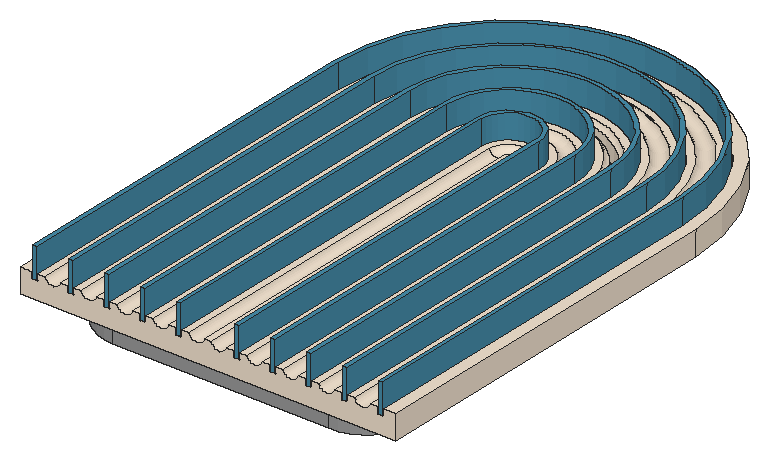
Revit family "EC-SC-ARC 2", category Lighting Fixtures, host Face, Revit 2020
Family settings
  Host = Face
  Round Connector Dimension = Use Diameter
  Part Type = Normal
  Cut with Voids When Loaded = No
  Light Source = No
  Shared = No
  Room Calculation Point = No
Parameters (values of type "WOOD - White Ash")
  wood = _aaline__WOOD_White Ash
  Small - SIZE [instance] = no
  S_4000K [instance] = and([Small - SIZE], [4000K - COLOUR TEMP])  # no
  S_3500K [instance] = and([Small - SIZE], [3500K - COLOUR TEMP])  # no
  S_3000K [instance] = and([Small - SIZE], [3000K - COLOUR TEMP])  # no
  S_2700K [instance] = and([Small - SIZE], [2700K - COLOUR TEMP])  # no
  Medium - SIZE [instance] = yes
  M_4000K [instance] = and([Medium - SIZE], [4000K - COLOUR TEMP])  # no
  M_3500K [instance] = and([Medium - SIZE], [3500K - COLOUR TEMP])  # no
  M_3000K [instance] = and([Medium - SIZE], [3000K - COLOUR TEMP])  # no
  M_2700K [instance] = and([Medium - SIZE], [2700K - COLOUR TEMP])  # yes
  Large - SIZE [instance] = no
  L_4000K [instance] = and([Large - SIZE], [4000K - COLOUR TEMP])  # no
  L_3500K [instance] = and([Large - SIZE], [3500K - COLOUR TEMP])  # no
  L_3000K [instance] = and([Large - SIZE], [3000K - COLOUR TEMP])  # no
  L_2700K [instance] = and([Large - SIZE], [2700K - COLOUR TEMP])  # no
  Default Elevation = 4' - 0"
  LIGHTING ACOUSTIC FELT [instance] = _aaline_felt_Blue_F162
  4000K - COLOUR TEMP [instance] = no
  3500K - COLOUR TEMP [instance] = no
  3000K - COLOUR TEMP [instance] = no
  2700K - COLOUR TEMP [instance] = yes
Reference planes (in)
  plane 1 "Center (Front/Back)": y = 0
  plane 2: z = 0
  plane 3 "Center (Left/Right)": x = 0
  plane 4: z = 0.75
  plane 5 "Top": z = 1.5
Forms (in)
  Extrusion 1, solid, material "_aaline__WOOD_White Ash" <- "wood", visible <- "Medium - SIZE"
    sketch origin (0, 0, 0) x (1, 0, 0) y (0, 1, 0)
      loop
        line (-5.875, -8.8125) -> (5.875, -8.8125) -> (5.875, 2.9375)
        arc (5.875, 2.9375) -> (0, 8.8125) -> (-5.875, 2.9375) r 5.875
        line (-5.875, 2.9375) -> (-5.875, -8.8125)
    from 0.75 to 1.5
  Sweep 2, void
    path in 3D
      loop
        line (5.875, -8.8125, 1.5) -> (5.875, 2.9375, 1.5)
        arc (5.875, 2.9375, 1.5) -> (0, 8.8125, 1.5) -> (-5.875, 2.9375, 1.5) r 5.875
        line (-5.875, 2.9375, 1.5) -> (-5.875, -8.8125, 1.5)
    profile origin (-5.875, -2.9375, 1.5) x (1, 0, 0) y (0, 0, 1)
      loop
        line (0.375, 0) -> (0.375, -0.1875) -> (0.5625, -0.1875) -> (0.5625, 0) -> (0.375, 0)
      loop
        arc (0.78125, 0) -> (1.03125, -0.18761) -> (1.28125, 0) r 0.26037
        line (1.28125, 0) -> (0.78125, 0)
      loop
        line (1.6875, 0) -> (1.5, 0) -> (1.5, -0.1875) -> (1.6875, -0.1875) -> (1.6875, 0)
      loop
        line (2.8125, 0) -> (2.625, 0) -> (2.625, -0.1875) -> (2.8125, -0.1875) -> (2.8125, 0)
      loop
        line (2.40625, 0) -> (1.90625, 0)
        arc (1.90625, 0) -> (2.15625, -0.18761) -> (2.40625, 0) r 0.26037
      loop
        line (5.0625, 0) -> (4.875, 0) -> (4.875, -0.1875) -> (5.0625, -0.1875) -> (5.0625, 0)
      loop
        line (4.65625, 0) -> (4.15625, 0)
        arc (4.15625, 0) -> (4.40625, -0.18761) -> (4.65625, 0) r 0.26037
      loop
        line (3.75, 0) -> (3.75, -0.1875) -> (3.9375, -0.1875) -> (3.9375, 0) -> (3.75, 0)
      loop
        arc (3.03125, 0) -> (3.28125, -0.18761) -> (3.53125, 0) r 0.26037
        line (3.53125, 0) -> (3.03125, 0)
      loop
        arc (5.28125, 0) -> (5.53125, -0.18761) -> (5.78125, 0) r 0.26037
        line (5.78125, 0) -> (5.28125, 0)
  Sweep 3, solid, material "_aaline_felt_Blue_F162" <- "LIGHTING ACOUSTIC FELT", visible <- "Medium - SIZE"
    path in 3D
      loop
        line (5.875, -8.8125, 1.5) -> (5.875, 2.9375, 1.5)
        arc (5.875, 2.9375, 1.5) -> (0, 8.8125, 1.5) -> (-5.875, 2.9375, 1.5) r 5.875
        line (-5.875, 2.9375, 1.5) -> (-5.875, -8.8125, 1.5)
    profile origin (-5.875, -2.9375, 1.5) x (1, 0, 0) y (0, 0, 1)
      loop
        line (0.53125, -0.1875) -> (0.53125, 0.75) -> (0.40625, 0.75) -> (0.40625, -0.1875) -> (0.53125, -0.1875)
      loop
        line (1.65625, -0.1875) -> (1.65625, 0.75) -> (1.53125, 0.75) -> (1.53125, -0.1875) -> (1.65625, -0.1875)
      loop
        line (3.78125, -0.1875) -> (3.90625, -0.1875) -> (3.90625, 0.75) -> (3.78125, 0.75) -> (3.78125, -0.1875)
      loop
        line (2.65625, -0.1875) -> (2.78125, -0.1875) -> (2.78125, 0.75) -> (2.65625, 0.75) -> (2.65625, -0.1875)
      loop
        line (5.03125, -0.1875) -> (5.03125, 0.75) -> (4.90625, 0.75) -> (4.90625, -0.1875) -> (5.03125, -0.1875)
  Extrusion 4, void
    sketch origin (0, 0, 0) x (1, 0, 0) y (0, 1, 0)
      loop
        line (-2.71875, 2.9375) -> (-2.71875, -7.8125)
        arc (-2.71875, -7.8125) -> (-2.59375, -7.9375) -> (-2.46875, -7.8125) r 0.125
        line (-2.46875, -7.8125) -> (-2.46875, 2.9375)
        arc (-2.46875, 2.9375) -> (0, 5.40625) -> (2.46875, 2.9375) r 2.46875
        line (2.46875, 2.9375) -> (2.46875, -7.8125)
        arc (2.46875, -7.8125) -> (2.59375, -7.9375) -> (2.71875, -7.8125) r 0.125
        line (2.71875, -7.8125) -> (2.71875, 2.9375)
        arc (2.71875, 2.9375) -> (0, 5.65625) -> (-2.71875, 2.9375) r 2.71875
    from 0.75 to 1.5
  Extrusion 5, solid, material "_aaline__WOOD_White Ash" <- "wood", visible <- "Large - SIZE"
    sketch origin (0, 0, 0) x (1, 0, 0) y (0, 1, 0)
      loop
        line (-11.75, -17.625) -> (11.75, -17.625) -> (11.75, 5.875)
        arc (11.75, 5.875) -> (0, 17.625) -> (-11.75, 5.875) r 11.75
        line (-11.75, 5.875) -> (-11.75, -17.625)
    from 0.75 to 1.5
  Sweep 6, solid, material "_aaline_felt_Blue_F162" <- "LIGHTING ACOUSTIC FELT", visible <- "Large - SIZE"
    path in 3D
      loop
        line (11.75, -17.625, 1.5) -> (11.75, 5.875, 1.5)
        arc (11.75, 5.875, 1.5) -> (0, 17.625, 1.5) -> (-11.75, 5.875, 1.5) r 11.75
        line (-11.75, 5.875, 1.5) -> (-11.75, -17.625, 1.5)
    profile origin (-11.75, -5.875, 1.5) x (1, 0, 0) y (0, 0, 1)
      loop
        line (0.87069, -0.1875) -> (0.87069, 0.75) -> (0.74569, 0.75) -> (0.74569, -0.1875) -> (0.87069, -0.1875)
      loop
        line (2.24569, -0.1875) -> (2.24569, 0.75) -> (2.12069, 0.75) -> (2.12069, -0.1875) -> (2.24569, -0.1875)
      loop
        line (4.87069, -0.1875) -> (4.99569, -0.1875) -> (4.99569, 0.75) -> (4.87069, 0.75) -> (4.87069, -0.1875)
      loop
        line (3.49569, -0.1875) -> (3.62069, -0.1875) -> (3.62069, 0.75) -> (3.49569, 0.75) -> (3.49569, -0.1875)
      loop
        line (10.37069, -0.1875) -> (10.49569, -0.1875) -> (10.49569, 0.75) -> (10.37069, 0.75) -> (10.37069, -0.1875)
      loop
        line (8.99569, -0.1875) -> (9.12069, -0.1875) -> (9.12069, 0.75) -> (8.99569, 0.75) -> (8.99569, -0.1875)
      loop
        line (6.37069, -0.1875) -> (6.37069, 0.75) -> (6.24569, 0.75) -> (6.24569, -0.1875) -> (6.37069, -0.1875)
      loop
        line (7.74569, -0.1875) -> (7.74569, 0.75) -> (7.62069, 0.75) -> (7.62069, -0.1875) -> (7.74569, -0.1875)
  Extrusion 7, void
    sketch origin (0, 0, 0) x (1, 0, 0) y (0, 1, 0)
      loop
        line (-7.62931, 5.875) -> (-7.62931, -13.375)
        arc (-7.62931, -13.375) -> (-7.50431, -13.5) -> (-7.37931, -13.375) r 0.125
        line (-7.37931, -13.375) -> (-7.37931, 5.875)
        arc (-7.37931, 5.875) -> (0, 13.25431) -> (7.37931, 5.875) r 7.37931
        line (7.37931, 5.875) -> (7.37931, -13.375)
        arc (7.37931, -13.375) -> (7.50431, -13.5) -> (7.62931, -13.375) r 0.125
        line (7.62931, -13.375) -> (7.62931, 5.875)
        arc (7.62931, 5.875) -> (0, 13.50431) -> (-7.62931, 5.875) r 7.62931
      loop
        line (-3.50431, 5.875) -> (-3.50431, -13.375)
        arc (-3.50431, -13.375) -> (-3.37931, -13.5) -> (-3.25431, -13.375) r 0.125
        line (-3.25431, -13.375) -> (-3.25431, 5.875)
        arc (-3.25431, 5.875) -> (0, 9.12931) -> (3.25431, 5.875) r 3.25431
        line (3.25431, 5.875) -> (3.25431, -13.375)
        arc (3.25431, -13.375) -> (3.37931, -13.5) -> (3.50431, -13.375) r 0.125
        line (3.50431, -13.375) -> (3.50431, 5.875)
        arc (3.50431, 5.875) -> (0, 9.37931) -> (-3.50431, 5.875) r 3.50431
    from 0.75 to 1.5
  Sweep 8, void
    path in 3D
      loop
        line (11.75, -17.625, 1.5) -> (11.75, 5.875, 1.5)
        arc (11.75, 5.875, 1.5) -> (0, 17.625, 1.5) -> (-11.75, 5.875, 1.5) r 11.75
        line (-11.75, 5.875, 1.5) -> (-11.75, -17.625, 1.5)
    profile origin (-11.75, -5.875, 1.5) x (1, 0, 0) y (0, 0, 1)
      loop
        line (0.71444, 0) -> (0.71444, -0.1875) -> (0.90194, -0.1875) -> (0.90194, 0) -> (0.71444, 0)
      loop
        line (1.74569, 0) -> (1.24569, 0)
        arc (1.24569, 0) -> (1.49569, -0.18761) -> (1.74569, 0) r 0.26037
      loop
        line (2.27694, 0) -> (2.08944, 0) -> (2.08944, -0.1875) -> (2.27694, -0.1875) -> (2.27694, 0)
      loop
        line (3.65194, 0) -> (3.46444, 0) -> (3.46444, -0.1875) -> (3.65194, -0.1875) -> (3.65194, 0)
      loop
        arc (2.62069, 0) -> (2.87069, -0.18761) -> (3.12069, 0) r 0.26037
        line (3.12069, 0) -> (2.62069, 0)
      loop
        line (6.40194, 0) -> (6.21444, 0) -> (6.21444, -0.1875) -> (6.40194, -0.1875) -> (6.40194, 0)
      loop
        arc (5.37069, 0) -> (5.62069, -0.18761) -> (5.87069, 0) r 0.26037
        line (5.87069, 0) -> (5.37069, 0)
      loop
        line (4.83944, 0) -> (4.83944, -0.1875) -> (5.02694, -0.1875) -> (5.02694, 0) -> (4.83944, 0)
      loop
        line (4.49569, 0) -> (3.99569, 0)
        arc (3.99569, 0) -> (4.24569, -0.18761) -> (4.49569, 0) r 0.26037
      loop
        arc (10.87069, 0) -> (11.12069, -0.18761) -> (11.37069, 0) r 0.26037
        line (11.37069, 0) -> (10.87069, 0)
      loop
        line (10.33944, 0) -> (10.33944, -0.1875) -> (10.52694, -0.1875) -> (10.52694, 0) -> (10.33944, 0)
      loop
        line (8.96444, 0) -> (8.96444, -0.1875) -> (9.15194, -0.1875) -> (9.15194, 0) -> (8.96444, 0)
      loop
        line (9.99569, 0) -> (9.49569, 0)
        arc (9.49569, 0) -> (9.74569, -0.18761) -> (9.99569, 0) r 0.26037
      loop
        line (7.24569, 0) -> (6.74569, 0)
        arc (6.74569, 0) -> (6.99569, -0.18761) -> (7.24569, 0) r 0.26037
      loop
        line (7.77694, 0) -> (7.58944, 0) -> (7.58944, -0.1875) -> (7.77694, -0.1875) -> (7.77694, 0)
      loop
        arc (8.12069, 0) -> (8.37069, -0.18761) -> (8.62069, 0) r 0.26037
        line (8.62069, 0) -> (8.12069, 0)
  Extrusion 9, solid, material "_aaline__WOOD_White Ash" <- "wood", visible <- "Small - SIZE"
    sketch origin (0, 0, 0) x (1, 0, 0) y (0, 1, 0)
      loop
        line (-2.875, -4.3125) -> (2.875, -4.3125) -> (2.875, 1.4375)
        arc (2.875, 1.4375) -> (0, 4.3125) -> (-2.875, 1.4375) r 2.875
        line (-2.875, 1.4375) -> (-2.875, -4.3125)
    from 0.75 to 1.5
  Sweep 10, solid, material "_aaline_felt_Blue_F162" <- "LIGHTING ACOUSTIC FELT", visible <- "Small - SIZE"
    path in 3D
      loop
        line (2.875, -4.3125, 1.5) -> (2.875, 1.4375, 1.5)
        arc (2.875, 1.4375, 1.5) -> (0, 4.3125, 1.5) -> (-2.875, 1.4375, 1.5) r 2.875
        line (-2.875, 1.4375, 1.5) -> (-2.875, -4.3125, 1.5)
    profile origin (-2.875, -1.4375, 1.5) x (1, 0, 0) y (0, 0, 1)
      loop
        line (0.36305, -0.18739) -> (0.36305, 0.5) -> (0.18104, 0.5) -> (0.18104, -0.18739) -> (0.36305, -0.18739)
      loop
        line (1.40959, -0.18739) -> (1.40959, 0.5) -> (1.22758, 0.5) -> (1.22758, -0.18739) -> (1.40959, -0.18739)
      loop
        line (2.45613, -0.18739) -> (2.45613, 0.5) -> (2.27412, 0.5) -> (2.27412, -0.18739) -> (2.45613, -0.18739)
  Extrusion 11, void
    sketch origin (0, 0, 0) x (1, 0, 0) y (0, 1, 0)
      loop
        line (-2.71875, 2.9375) -> (-2.71875, -7.8125)
        arc (-2.71875, -7.8125) -> (-2.59375, -7.9375) -> (-2.46875, -7.8125) r 0.125
        line (-2.46875, -7.8125) -> (-2.46875, 2.9375)
        arc (-2.46875, 2.9375) -> (0, 5.40625) -> (2.46875, 2.9375) r 2.46875
        line (2.46875, 2.9375) -> (2.46875, -7.8125)
        arc (2.46875, -7.8125) -> (2.59375, -7.9375) -> (2.71875, -7.8125) r 0.125
        line (2.71875, -7.8125) -> (2.71875, 2.9375)
        arc (2.71875, 2.9375) -> (0, 5.65625) -> (-2.71875, 2.9375) r 2.71875
    from 0.75 to 1.5
  Sweep 12, void
    path in 3D
      loop
        line (2.875, -4.3125, 1.5) -> (2.875, 1.4375, 1.5)
        arc (2.875, 1.4375, 1.5) -> (0, 4.3125, 1.5) -> (-2.875, 1.4375, 1.5) r 2.875
        line (-2.875, 1.4375, 1.5) -> (-2.875, -4.3125, 1.5)
    profile origin (-2.875, -1.4375, 1.5) x (1, 0, 0) y (0, 0, 1)
      loop
        line (0.15509, 0.00011) -> (0.15509, -0.18739) -> (0.389, -0.18739) -> (0.389, 0.00011) -> (0.15509, 0.00011)
      loop
        line (1.04531, 0.00011) -> (0.54531, 0.00011)
        arc (0.54531, 0.00011) -> (0.79531, -0.1875) -> (1.04531, 0.00011) r 0.26037
      loop
        line (1.43554, 0.00011) -> (1.20163, 0.00011) -> (1.20163, -0.18739) -> (1.43554, -0.18739) -> (1.43554, 0.00011)
      loop
        line (2.48208, 0.00011) -> (2.24817, 0.00011) -> (2.24817, -0.18739) -> (2.48208, -0.18739) -> (2.48208, 0.00011)
      loop
        arc (1.59186, 0.00011) -> (1.84186, -0.1875) -> (2.09186, 0.00011) r 0.26037
        line (2.09186, 0.00011) -> (1.59186, 0.00011)
  Revolve 13, void
    sketch origin (0, 1.4241, 0) x (1, 0, 0) y (0, 0, 1)
      loop
        line (0, 1.5) -> (-0.24997, 1.5)
        arc (-0.24997, 1.5) -> (-0.15624, 1.36458) -> (0, 1.3125) r 0.26037
        line (0, 1.3125) -> (0, 1.5)
      axis (0, 1.5) -> (0, 1.3125)
    angle from 0 to 360
  Extrusion 14, void
    sketch origin (0, 0, 0) x (1, 0, 0) y (0, 0, 1)
      loop
        line (0.24997, 1.5) -> (-0.24997, 1.5)
        arc (-0.24997, 1.5) -> (0, 1.3125) -> (0.24997, 1.5) r 0.26037
    from -1.4241 to 4.3125
  Extrusion 15, void
    sketch origin (0, 0, 0) x (1, 0, 0) y (0, 1, 0)
      loop
        line (-0.90818, -3.56253) -> (-0.90818, 1.4375)
        arc (-0.90818, 1.4375) -> (0, 2.34568) -> (0.90818, 1.4375) r 0.90818
        line (0.90818, 1.4375) -> (0.90818, -3.56253)
        arc (0.90818, -3.56253) -> (1.03314, -3.6875) -> (1.15811, -3.56253) r 0.12497
        line (1.15811, -3.56253) -> (1.15811, 1.4375)
        arc (1.15811, 1.4375) -> (0, 2.59561) -> (-1.15811, 1.4375) r 1.15811
        line (-1.15811, 1.4375) -> (-1.15811, -3.56253)
        arc (-1.15811, -3.56253) -> (-1.03314, -3.6875) -> (-0.90818, -3.56253) r 0.12497
    from 0 to 12
  Extrusion 16, solid, material "_aaline_Diffuser", visible <- "Large - SIZE"
    sketch origin (0, 0, 0) x (1, 0, 0) y (0, 1, 0)
      loop
        line (-9.25, 5.875) -> (-9.25, -16.375) -> (9.25, -16.375) -> (9.25, 5.875)
        arc (9.25, 5.875) -> (0, 15.125) -> (-9.25, 5.875) r 9.25
      loop
        line (-9, -16.125) -> (9, -16.125) -> (9, 5.875)
        arc (9, 5.875) -> (0, 14.875) -> (-9, 5.875) r 9
        line (-9, 5.875) -> (-9, -16.125)
      loop
        arc (2.75, 5.875) -> (0, 8.625) -> (-2.75, 5.875) r 2.75
        line (-2.75, 5.875) -> (-2.75, -7.375)
        arc (-2.75, -7.375) -> (-2.09099, -8.96599) -> (-0.5, -9.625) r 2.25
        line (-0.5, -9.625) -> (0.5, -9.625)
        arc (0.5, -9.625) -> (2.09099, -8.96599) -> (2.75, -7.375) r 2.25
        line (2.75, -7.375) -> (2.75, 5.875)
      loop
        line (2.625, -7.375) -> (2.625, 5.875)
        arc (2.625, 5.875) -> (0, 8.5) -> (-2.625, 5.875) r 2.625
        line (-2.625, 5.875) -> (-2.625, -7.375)
        arc (-2.625, -7.375) -> (-2.0026, -8.8776) -> (-0.5, -9.5) r 2.125
        line (-0.5, -9.5) -> (0.5, -9.5)
        arc (0.5, -9.5) -> (2.0026, -8.8776) -> (2.625, -7.375) r 2.125
    from 0 to 0.75
  Extrusion 17, solid, material "Glass, White, High Luminance", visible <- "Medium - SIZE"
    sketch origin (-44, 0, 0) x (1, 0, 0) y (0, 1, 0)
      loop
        arc (48.875, 2.9375) -> (44, 7.8125) -> (39.125, 2.9375) r 4.875
        line (39.125, 2.9375) -> (39.125, -6.8125)
        arc (39.125, -6.8125) -> (39.56434, -7.87316) -> (40.625, -8.3125) r 1.5
        line (40.625, -8.3125) -> (47.375, -8.3125)
        arc (47.375, -8.3125) -> (48.43566, -7.87316) -> (48.875, -6.8125) r 1.5
        line (48.875, -6.8125) -> (48.875, 2.9375)
      loop
        line (40.625, -8.1875) -> (47.375, -8.1875)
        arc (47.375, -8.1875) -> (48.34727, -7.78477) -> (48.75, -6.8125) r 1.375
        line (48.75, -6.8125) -> (48.75, 2.9375)
        arc (48.75, 2.9375) -> (44, 7.6875) -> (39.25, 2.9375) r 4.75
        line (39.25, 2.9375) -> (39.25, -6.8125)
        arc (39.25, -6.8125) -> (39.65273, -7.78477) -> (40.625, -8.1875) r 1.375
      loop
        arc (48.375, 2.9375) -> (44, 7.3125) -> (39.625, 2.9375) r 4.375
        line (39.625, 2.9375) -> (39.625, -6.8125)
        arc (39.625, -6.8125) -> (39.91789, -7.51961) -> (40.625, -7.8125) r 1
        line (40.625, -7.8125) -> (47.375, -7.8125)
        arc (47.375, -7.8125) -> (48.08211, -7.51961) -> (48.375, -6.8125) r 1
        line (48.375, -6.8125) -> (48.375, 2.9375)
      loop
        arc (48.25, 2.9375) -> (44, 7.1875) -> (39.75, 2.9375) r 4.25
        line (39.75, 2.9375) -> (39.75, -6.8125)
        arc (39.75, -6.8125) -> (40.00628, -7.43122) -> (40.625, -7.6875) r 0.875
        line (40.625, -7.6875) -> (47.375, -7.6875)
        arc (47.375, -7.6875) -> (47.99372, -7.43122) -> (48.25, -6.8125) r 0.875
        line (48.25, -6.8125) -> (48.25, 2.9375)
    from 0 to 0.75
  Extrusion 18, solid, material "Glass, White, High Luminance", visible <- "Small - SIZE"
    sketch origin (-61.97533, -0.94205, 0) x (1, 0, 0) y (0, 1, 0)
      loop
        arc (64.47533, 2.37955) -> (61.97533, 4.87955) -> (59.47533, 2.37955) r 2.5
        line (59.47533, 2.37955) -> (59.47533, -1.74545)
        arc (59.47533, -1.74545) -> (59.87806, -2.71772) -> (60.85033, -3.12045) r 1.375
        line (60.85033, -3.12045) -> (63.10033, -3.12045)
        arc (63.10033, -3.12045) -> (64.0726, -2.71772) -> (64.47533, -1.74545) r 1.375
        line (64.47533, -1.74545) -> (64.47533, 2.37955)
      loop
        arc (64.35033, 2.37955) -> (61.97533, 4.75455) -> (59.60033, 2.37955) r 2.375
        line (59.60033, 2.37955) -> (59.60033, -1.74545)
        arc (59.60033, -1.74545) -> (59.96645, -2.62934) -> (60.85033, -2.99545) r 1.25
        line (60.85033, -2.99545) -> (63.10033, -2.99545)
        arc (63.10033, -2.99545) -> (63.98422, -2.62934) -> (64.35033, -1.74545) r 1.25
        line (64.35033, -1.74545) -> (64.35033, 2.37955)
    from 0 to 0.75
Cuts and joins
  Sweep 2, Extrusion 4, Extrusion 11 cuts Extrusion 1
  Extrusion 7, Sweep 8 cuts Extrusion 5
  Sweep 12, Revolve 13, Extrusion 14, Extrusion 15 cuts Extrusion 9
Lines and regions (in)
  sketch lines
    curve 1: line (-5.875, 2.9375, 1.5) -> (-5.875, -8.8125, 1.5)
    curve 2: arc (-5.875, 2.9375, 1.5) -> (0, 8.8125, 1.5) -> (5.875, 2.9375, 1.5) r 5.875
    curve 3: line (5.875, -8.8125, 1.5) -> (5.875, 2.9375, 1.5)
    curve 4: line (-5.875, 2.9375, 1.5) -> (-5.875, -8.8125, 1.5)
    curve 5: arc (-5.875, 2.9375, 1.5) -> (0, 8.8125, 1.5) -> (5.875, 2.9375, 1.5) r 5.875
    curve 6: line (5.875, -8.8125, 1.5) -> (5.875, 2.9375, 1.5)
    curve 7: line (-11.75, 5.875, 1.5) -> (-11.75, -17.625, 1.5)
    curve 8: arc (-11.75, 5.875, 1.5) -> (0, 17.625, 1.5) -> (11.75, 5.875, 1.5) r 11.75
    curve 9: line (11.75, -17.625, 1.5) -> (11.75, 5.875, 1.5)
    curve 10: line (-11.75, 5.875, 1.5) -> (-11.75, -17.625, 1.5)
    curve 11: arc (-11.75, 5.875, 1.5) -> (0, 17.625, 1.5) -> (11.75, 5.875, 1.5) r 11.75
    curve 12: line (11.75, -17.625, 1.5) -> (11.75, 5.875, 1.5)
    curve 13: line (-2.875, 1.4375, 1.5) -> (-2.875, -4.3125, 1.5)
    curve 14: arc (-2.875, 1.4375, 1.5) -> (0, 4.3125, 1.5) -> (2.875, 1.4375, 1.5) r 2.875
    curve 15: line (2.875, -4.3125, 1.5) -> (2.875, 1.4375, 1.5)
    curve 16: line (-2.875, 1.4375, 1.5) -> (-2.875, -4.3125, 1.5)
    curve 17: arc (-2.875, 1.4375, 1.5) -> (0, 4.3125, 1.5) -> (2.875, 1.4375, 1.5) r 2.875
    curve 18: line (2.875, -4.3125, 1.5) -> (2.875, 1.4375, 1.5)
Dimensions and locks (in)
  aligned and locked: plane 2 to host face
  aligned and locked: level to host face
  aligned and locked: Extrusion 1 to plane 4
  aligned and locked: plane 5 "Top" to Extrusion 1
  aligned and locked: cut or joined group of Extrusion 1, Sweep 2, Extrusion 4, Extrusion 11 to plane 4
  aligned and locked: plane 5 "Top" to cut or joined group of Extrusion 1, Sweep 2, Extrusion 4, Extrusion 11
  aligned and locked: Revolve 13 sketch curve to plane 3 "Center (Left/Right)"  (x2)
Nested families (in)
  nested 1: "CRS-LN_Large_ 4000k" at (0, -7.49867, 1.04731) x (0, 1, 0) z (0, 0, -1), visible <- "L_4000K", type "CRS-LN_Large_ 4000k"
  nested 2: "CRS-LN_Large_Round_ 4000k" at (0, 6.8778, 1.04731) x (1, 0, 0) z (0, 0, -1), visible <- "L_4000K", type "CRS-LN_Large_Round_ 4000k"
  nested 3: "CRS-LN_Large_ 3500k" at (0, -7.49867, 1.03737) x (0, 1, 0) z (0, 0, -1), visible <- "L_3500K", type "CRS-LN_Large_ 3500k"
  nested 4: "CRS-LN_Large_Round_ 3500k" at (0, 6.8778, 1.03737) x (1, 0, 0) z (0, 0, -1), visible <- "L_3500K", type "CRS-LN_Large_Round_ 3500k"
  nested 5: "CRS-LN_Large_ 3000k" at (0, -7.49867, 0.99952) x (0, 1, 0) z (0, 0, -1), visible <- "L_3000K", type "CRS-LN_Large_ 3000k"
  nested 6: "CRS-LN_Large_Round_ 3000k" at (0, 6.8778, 0.99952) x (1, 0, 0) z (0, 0, -1), visible <- "L_3000K", type "CRS-LN_Large_Round_ 3000k"
  nested 7: "CRS-LN_Large_ 2700k" at (0, -7.49867, 1.02637) x (0, 1, 0) z (0, 0, -1), visible <- "L_2700K", type "CRS-LN_Large_ 2700k"
  nested 8: "CRS-LN_Large_Round_2700k" at (0, 6.8778, 1.02637) x (1, 0, 0) z (0, 0, -1), visible <- "L_2700K", type "CRS-LN_Large_Round_2700k"
  nested 9: "CRS-LN_Medium_ 2700k" at (0, -2.84199, 1.08018) x (1, 0, 0) z (0, 0, -1), visible <- "M_2700K", type "CRS-LN_Medium_ 2700k"
  nested 10: "CRS-LN_Medium_Round_2700k" at (0, 2.9375, 1) x (1, 0, 0) z (0, 0, -1), visible <- "M_2700K", type "CRS-LN_Medium_Round_2700k"
  nested 11: "CRS-LN_Medium_ 3000k" at (0, -2.84199, 1.15774) x (1, 0, 0) z (0, 0, -1), visible <- "M_3000K", type "CRS-LN_Medium_ 3000k"
  nested 12: "CRS-LN_Medium_Round_3000k" at (0, 2.9375, 1.07755) x (1, 0, 0) z (0, 0, -1), visible <- "M_3000K", type "CRS-LN_Medium_Round_3000k"
  nested 13: "CRS-LN_Medium_ 3500k" at (0, -2.84199, 1.04352) x (1, 0, 0) z (0, 0, -1), visible <- "M_3500K", type "CRS-LN_Medium_ 3500k"
  nested 14: "CRS-LN_Medium_Round_3500k" at (0, 2.9375, 0.96334) x (1, 0, 0) z (0, 0, -1), visible <- "M_3500K", type "CRS-LN_Medium_Round_3500k"
  nested 15: "CRS-LN_Medium_ 4000k" at (0, -2.84199, 1.19208) x (1, 0, 0) z (0, 0, -1), visible <- "M_4000K", type "CRS-LN_Medium_ 4000k"
  nested 16: "CRS-LN_Medium_Round_4000k" at (0, 2.9375, 1.1119) x (1, 0, 0) z (0, 0, -1), visible <- "M_4000K", type "CRS-LN_Medium_Round_4000k"
  nested 17: "CRS-LN_Small_ 2700k" at (0, -1.59199, 1.01033) x (1, 0, 0) z (0, 0, -1), visible <- "S_2700K", type "CRS-LN_Small_ 2700k"
  nested 18: "CRS-LN_Small_Round_2700k" at (0, 1.4375, 0.93015) x (1, 0, 0) z (0, 0, -1), visible <- "S_2700K", type "CRS-LN_Small_Round_2700k"
  nested 19: "CRS-LN_Small_ 3000k" at (0, -1.59199, 1.06064) x (1, 0, 0) z (0, 0, -1), visible <- "S_3000K", type "CRS-LN_Small_ 3000k"
  nested 20: "CRS-LN_Small_Round_3000k" at (0, 1.4375, 0.98046) x (1, 0, 0) z (0, 0, -1), visible <- "S_3000K", type "CRS-LN_Small_Round_3000k"
  nested 21: "CRS-LN_Small_ 3500k" at (0, -1.59199, 1.01271) x (1, 0, 0) z (0, 0, -1), visible <- "S_3500K", type "CRS-LN_Small_ 3500k"
  nested 22: "CRS-LN_Small_Round_3500k" at (0, 1.4375, 0.93252) x (1, 0, 0) z (0, 0, -1), visible <- "S_3500K", type "CRS-LN_Small_Round_3500k"
  nested 23: "CRS-LN_Small_ 4000k" at (0, -1.59199, 1.06369) x (1, 0, 0) z (0, 0, -1), visible <- "S_4000K", type "CRS-LN_Small_ 4000k"
  nested 24: "CRS-LN_Small_Round_4000k" at (0, 1.4375, 1.05059) x (1, 0, 0) z (0, 0, -1), visible <- "S_4000K", type "CRS-LN_Small_Round_4000k"
Definition of nested family "CRS-LN_Large_ 4000k"
  Parameters (values of type "CRS-LN_Large_ 4000k")
    Wattage = 46.2832 W
    built-in parameter 1150110 = 1 (stored number, unit not read)
    built-in parameter 1114217 = 1 (stored number, unit not read)
    built-in parameter 1150109 = 1 (stored number, unit not read)
    Light Source Symbol Size = 0' - 5"
    Emit from Rectangle Width = 1' - 6 1/2"
    Emit from Rectangle Length = 1' - 5.71654"
    Emit Shape Visible in Rendering = no
    Default Elevation = 4' - 0"
    built-in parameter 1150134 = 12
    built-in parameter 1150113 = 1 (stored number, unit not read)
    Lumens = 6875 lm
    built-in parameter 1150115 = 1 (stored number, unit not read)
    built-in parameter 1150105 = 2188.4 (stored number, unit not read)
    built-in parameter 1150137 = (empty or 0)
    built-in parameter 1150139 = (empty or 0)
    built-in parameter 1150112 = 1 (stored number, unit not read)
    built-in parameter 1150114 = 1 (stored number, unit not read)
    built-in parameter 1150132 = 2
    built-in parameter 1150102 = (empty or 0)
    built-in parameter 1150138 = (empty or 0)
    built-in parameter 1150107 = 4000 (stored number, unit not read)
    built-in parameter 1150106 = 21.884 (stored number, unit not read)
    built-in parameter 1150104 = 13.8 (stored number, unit not read)
    Dimming Lamp Color Temperature Shift = (empty or 0)
    Color Filter = 16777215
    built-in parameter 1114218 = 1 (stored number, unit not read)
    built-in parameter 1150133 = 10 (stored number, unit not read)
  Reference planes (in)
    plane 1 "Eixo de origem da luz (F/T)": y = 0
    plane 2: z = 0
    plane 3 "Eixo de origem da luz (E/D)": x = 0
    plane 4 "Elevação da origem da luz": z = 0.33018
  Dimensions and locks (in)
    aligned and locked: plane 1 "Eixo de origem da luz (F/T)" to imposter light
    aligned and locked: level to plane 2
Definition of nested family "CRS-LN_Large_Round_ 4000k"
  Parameters (values of type "CRS-LN_Large_Round_ 4000k")
    Wattage = 46.2832 W
    built-in parameter 1150110 = 1 (stored number, unit not read)
    built-in parameter 1114217 = 1 (stored number, unit not read)
    built-in parameter 1150109 = 1 (stored number, unit not read)
    Light Source Symbol Size = 0' - 5"
    Emit from Circle Diameter = 1' - 6 1/2"
    Emit Shape Visible in Rendering = no
    Default Elevation = 4' - 0"
    built-in parameter 1150134 = 12
    built-in parameter 1150113 = 1 (stored number, unit not read)
    Lumens = 6875 lm
    built-in parameter 1150115 = 1 (stored number, unit not read)
    built-in parameter 1150105 = 2188.4 (stored number, unit not read)
    built-in parameter 1150137 = (empty or 0)
    built-in parameter 1150139 = (empty or 0)
    built-in parameter 1150112 = 1 (stored number, unit not read)
    built-in parameter 1150114 = 1 (stored number, unit not read)
    built-in parameter 1150132 = 2
    built-in parameter 1150102 = (empty or 0)
    built-in parameter 1150138 = (empty or 0)
    built-in parameter 1150107 = 4000 (stored number, unit not read)
    built-in parameter 1150106 = 21.884 (stored number, unit not read)
    built-in parameter 1150104 = 13.8 (stored number, unit not read)
    Dimming Lamp Color Temperature Shift = (empty or 0)
    Color Filter = 16777215
    built-in parameter 1114218 = 1 (stored number, unit not read)
    built-in parameter 1150133 = 10 (stored number, unit not read)
  Reference planes (in)
    plane 1 "Eixo de origem da luz (F/T)": y = 0
    plane 2: z = 0
    plane 3 "Eixo de origem da luz (E/D)": x = 0
    plane 4 "Elevação da origem da luz": z = 0.33018
  Dimensions and locks (in)
    aligned and locked: plane 1 "Eixo de origem da luz (F/T)" to imposter light
    aligned and locked: level to plane 2
Definition of nested family "CRS-LN_Large_ 3500k"
  Parameters (values of type "CRS-LN_Large_ 3500k")
    Wattage = 46.2832 W
    built-in parameter 1150110 = 1 (stored number, unit not read)
    built-in parameter 1114217 = 1 (stored number, unit not read)
    built-in parameter 1150109 = 1 (stored number, unit not read)
    Light Source Symbol Size = 0' - 5"
    Emit from Rectangle Width = 1' - 6 1/2"
    Emit from Rectangle Length = 1' - 5.71654"
    Emit Shape Visible in Rendering = no
    Default Elevation = 4' - 0"
    built-in parameter 1150134 = (empty or 0)
    built-in parameter 1150113 = 1 (stored number, unit not read)
    Lumens = 6875 lm
    built-in parameter 1150115 = 1 (stored number, unit not read)
    built-in parameter 1150105 = 2188.4 (stored number, unit not read)
    built-in parameter 1150137 = (empty or 0)
    built-in parameter 1150139 = (empty or 0)
    built-in parameter 1150112 = 1 (stored number, unit not read)
    built-in parameter 1150114 = 1 (stored number, unit not read)
    built-in parameter 1150132 = 2
    built-in parameter 1150102 = (empty or 0)
    built-in parameter 1150138 = (empty or 0)
    built-in parameter 1150107 = 3500 (stored number, unit not read)
    built-in parameter 1150106 = 21.884 (stored number, unit not read)
    built-in parameter 1150104 = 13.8 (stored number, unit not read)
    Dimming Lamp Color Temperature Shift = (empty or 0)
    Color Filter = 16777215
    built-in parameter 1114218 = 1 (stored number, unit not read)
    built-in parameter 1150133 = 10 (stored number, unit not read)
  Reference planes (in)
    plane 1 "Eixo de origem da luz (F/T)": y = 0
    plane 2: z = 0
    plane 3 "Eixo de origem da luz (E/D)": x = 0
    plane 4 "Elevação da origem da luz": z = 0.33018
  Dimensions and locks (in)
    aligned and locked: plane 1 "Eixo de origem da luz (F/T)" to imposter light
    aligned and locked: level to plane 2
Definition of nested family "CRS-LN_Large_Round_ 3500k"
  Parameters (values of type "CRS-LN_Large_Round_ 3500k")
    Wattage = 46.2832 W
    built-in parameter 1150110 = 1 (stored number, unit not read)
    built-in parameter 1114217 = 1 (stored number, unit not read)
    built-in parameter 1150109 = 1 (stored number, unit not read)
    Light Source Symbol Size = 0' - 5"
    Emit from Circle Diameter = 1' - 6 1/2"
    Emit Shape Visible in Rendering = no
    Default Elevation = 4' - 0"
    built-in parameter 1150134 = (empty or 0)
    built-in parameter 1150113 = 1 (stored number, unit not read)
    Lumens = 6875 lm
    built-in parameter 1150115 = 1 (stored number, unit not read)
    built-in parameter 1150105 = 2188.4 (stored number, unit not read)
    built-in parameter 1150137 = (empty or 0)
    built-in parameter 1150139 = (empty or 0)
    built-in parameter 1150112 = 1 (stored number, unit not read)
    built-in parameter 1150114 = 1 (stored number, unit not read)
    built-in parameter 1150132 = 2
    built-in parameter 1150102 = (empty or 0)
    built-in parameter 1150138 = (empty or 0)
    built-in parameter 1150107 = 3500 (stored number, unit not read)
    built-in parameter 1150106 = 21.884 (stored number, unit not read)
    built-in parameter 1150104 = 13.8 (stored number, unit not read)
    Dimming Lamp Color Temperature Shift = (empty or 0)
    Color Filter = 16777215
    built-in parameter 1114218 = 1 (stored number, unit not read)
    built-in parameter 1150133 = 10 (stored number, unit not read)
  Reference planes (in)
    plane 1 "Eixo de origem da luz (F/T)": y = 0
    plane 2: z = 0
    plane 3 "Eixo de origem da luz (E/D)": x = 0
    plane 4 "Elevação da origem da luz": z = 0.33018
  Dimensions and locks (in)
    aligned and locked: plane 1 "Eixo de origem da luz (F/T)" to imposter light
    aligned and locked: level to plane 2
Definition of nested family "CRS-LN_Large_ 3000k"
  Parameters (values of type "CRS-LN_Large_ 3000k")
    Wattage = 46.2832 W
    built-in parameter 1150110 = 1 (stored number, unit not read)
    built-in parameter 1114217 = 1 (stored number, unit not read)
    built-in parameter 1150109 = 1 (stored number, unit not read)
    Light Source Symbol Size = 0' - 5"
    Emit from Rectangle Width = 1' - 6 1/2"
    Emit from Rectangle Length = 1' - 5.71654"
    Emit Shape Visible in Rendering = no
    Default Elevation = 4' - 0"
    built-in parameter 1150134 = (empty or 0)
    built-in parameter 1150113 = 1 (stored number, unit not read)
    Lumens = 6875 lm
    built-in parameter 1150115 = 1 (stored number, unit not read)
    built-in parameter 1150105 = 2188.4 (stored number, unit not read)
    built-in parameter 1150137 = (empty or 0)
    built-in parameter 1150139 = (empty or 0)
    built-in parameter 1150112 = 1 (stored number, unit not read)
    built-in parameter 1150114 = 1 (stored number, unit not read)
    built-in parameter 1150132 = 2
    built-in parameter 1150102 = (empty or 0)
    built-in parameter 1150138 = (empty or 0)
    built-in parameter 1150107 = 3000 (stored number, unit not read)
    built-in parameter 1150106 = 21.884 (stored number, unit not read)
    built-in parameter 1150104 = 13.8 (stored number, unit not read)
    Dimming Lamp Color Temperature Shift = (empty or 0)
    Color Filter = 16777215
    built-in parameter 1114218 = 1 (stored number, unit not read)
    built-in parameter 1150133 = 10 (stored number, unit not read)
  Reference planes (in)
    plane 1 "Eixo de origem da luz (F/T)": y = 0
    plane 2: z = 0
    plane 3 "Eixo de origem da luz (E/D)": x = 0
    plane 4 "Elevação da origem da luz": z = 0.33018
  Dimensions and locks (in)
    aligned and locked: plane 1 "Eixo de origem da luz (F/T)" to imposter light
    aligned and locked: level to plane 2
Definition of nested family "CRS-LN_Large_Round_ 3000k"
  Parameters (values of type "CRS-LN_Large_Round_ 3000k")
    Wattage = 46.2832 W
    built-in parameter 1150110 = 1 (stored number, unit not read)
    built-in parameter 1114217 = 1 (stored number, unit not read)
    built-in parameter 1150109 = 1 (stored number, unit not read)
    Light Source Symbol Size = 0' - 5"
    Emit from Circle Diameter = 1' - 6 1/2"
    Emit Shape Visible in Rendering = no
    Default Elevation = 4' - 0"
    built-in parameter 1150134 = (empty or 0)
    built-in parameter 1150113 = 1 (stored number, unit not read)
    Lumens = 6875 lm
    built-in parameter 1150115 = 1 (stored number, unit not read)
    built-in parameter 1150105 = 2188.4 (stored number, unit not read)
    built-in parameter 1150137 = (empty or 0)
    built-in parameter 1150139 = (empty or 0)
    built-in parameter 1150112 = 1 (stored number, unit not read)
    built-in parameter 1150114 = 1 (stored number, unit not read)
    built-in parameter 1150132 = 2
    built-in parameter 1150102 = (empty or 0)
    built-in parameter 1150138 = (empty or 0)
    built-in parameter 1150107 = 3000 (stored number, unit not read)
    built-in parameter 1150106 = 21.884 (stored number, unit not read)
    built-in parameter 1150104 = 13.8 (stored number, unit not read)
    Dimming Lamp Color Temperature Shift = (empty or 0)
    Color Filter = 16777215
    built-in parameter 1114218 = 1 (stored number, unit not read)
    built-in parameter 1150133 = 10 (stored number, unit not read)
  Reference planes (in)
    plane 1 "Eixo de origem da luz (F/T)": y = 0
    plane 2: z = 0
    plane 3 "Eixo de origem da luz (E/D)": x = 0
    plane 4 "Elevação da origem da luz": z = 0.33018
  Dimensions and locks (in)
    aligned and locked: plane 1 "Eixo de origem da luz (F/T)" to imposter light
    aligned and locked: level to plane 2
Definition of nested family "CRS-LN_Large_ 2700k"
  Parameters (values of type "CRS-LN_Large_ 2700k")
    Wattage = 46.2832 W
    built-in parameter 1150110 = 1 (stored number, unit not read)
    built-in parameter 1114217 = 1 (stored number, unit not read)
    built-in parameter 1150109 = 1 (stored number, unit not read)
    Light Source Symbol Size = 0' - 5"
    Emit from Rectangle Width = 1' - 6 1/2"
    Emit from Rectangle Length = 1' - 5.71654"
    Emit Shape Visible in Rendering = no
    Default Elevation = 4' - 0"
    built-in parameter 1150134 = (empty or 0)
    built-in parameter 1150113 = 1 (stored number, unit not read)
    Lumens = 6875 lm
    built-in parameter 1150115 = 1 (stored number, unit not read)
    built-in parameter 1150105 = 2188.4 (stored number, unit not read)
    built-in parameter 1150137 = (empty or 0)
    built-in parameter 1150139 = (empty or 0)
    built-in parameter 1150112 = 1 (stored number, unit not read)
    built-in parameter 1150114 = 1 (stored number, unit not read)
    built-in parameter 1150132 = 2
    built-in parameter 1150102 = (empty or 0)
    built-in parameter 1150138 = (empty or 0)
    built-in parameter 1150107 = 2700 (stored number, unit not read)
    built-in parameter 1150106 = 21.884 (stored number, unit not read)
    built-in parameter 1150104 = 13.8 (stored number, unit not read)
    Dimming Lamp Color Temperature Shift = (empty or 0)
    Color Filter = 16777215
    built-in parameter 1114218 = 1 (stored number, unit not read)
    built-in parameter 1150133 = 10 (stored number, unit not read)
  Reference planes (in)
    plane 1 "Eixo de origem da luz (F/T)": y = 0
    plane 2: z = 0
    plane 3 "Eixo de origem da luz (E/D)": x = 0
    plane 4 "Elevação da origem da luz": z = 0.33018
  Dimensions and locks (in)
    aligned and locked: plane 1 "Eixo de origem da luz (F/T)" to imposter light
    aligned and locked: level to plane 2
Definition of nested family "CRS-LN_Large_Round_2700k"
  Parameters (values of type "CRS-LN_Large_Round_2700k")
    Wattage = 46.2832 W
    built-in parameter 1150110 = 1 (stored number, unit not read)
    built-in parameter 1114217 = 1 (stored number, unit not read)
    built-in parameter 1150109 = 1 (stored number, unit not read)
    Light Source Symbol Size = 0' - 5"
    Emit from Circle Diameter = 1' - 6 1/2"
    Emit Shape Visible in Rendering = no
    Default Elevation = 4' - 0"
    built-in parameter 1150134 = (empty or 0)
    built-in parameter 1150113 = 1 (stored number, unit not read)
    Lumens = 6875 lm
    built-in parameter 1150115 = 1 (stored number, unit not read)
    built-in parameter 1150105 = 2188.4 (stored number, unit not read)
    built-in parameter 1150137 = (empty or 0)
    built-in parameter 1150139 = (empty or 0)
    built-in parameter 1150112 = 1 (stored number, unit not read)
    built-in parameter 1150114 = 1 (stored number, unit not read)
    built-in parameter 1150132 = 2
    built-in parameter 1150102 = (empty or 0)
    built-in parameter 1150138 = (empty or 0)
    built-in parameter 1150107 = 2700 (stored number, unit not read)
    built-in parameter 1150106 = 21.884 (stored number, unit not read)
    built-in parameter 1150104 = 13.8 (stored number, unit not read)
    Dimming Lamp Color Temperature Shift = (empty or 0)
    Color Filter = 16777215
    built-in parameter 1114218 = 1 (stored number, unit not read)
    built-in parameter 1150133 = 10 (stored number, unit not read)
  Reference planes (in)
    plane 1 "Eixo de origem da luz (F/T)": y = 0
    plane 2: z = 0
    plane 3 "Eixo de origem da luz (E/D)": x = 0
    plane 4 "Elevação da origem da luz": z = 0.33018
  Dimensions and locks (in)
    aligned and locked: plane 1 "Eixo de origem da luz (F/T)" to imposter light
    aligned and locked: level to plane 2
Definition of nested family "CRS-LN_Medium_ 2700k"
  Parameters (values of type "CRS-LN_Medium_ 2700k")
    Wattage = 16.8303 W
    built-in parameter 1150110 = 1 (stored number, unit not read)
    built-in parameter 1114217 = 1 (stored number, unit not read)
    built-in parameter 1150109 = 1 (stored number, unit not read)
    Light Source Symbol Size = 0' - 2.75591"
    Emit from Rectangle Width = 0' - 9.75197"
    Emit from Rectangle Length = 0' - 9.75197"
    Emit Shape Visible in Rendering = no
    Default Elevation = 4' - 0"
    built-in parameter 1150134 = (empty or 0)
    built-in parameter 1150113 = 1 (stored number, unit not read)
    Lumens = 2500 lm
    built-in parameter 1150115 = 1 (stored number, unit not read)
    built-in parameter 1150105 = 795.77 (stored number, unit not read)
    built-in parameter 1150137 = (empty or 0)
    built-in parameter 1150139 = (empty or 0)
    built-in parameter 1150112 = 1 (stored number, unit not read)
    built-in parameter 1150114 = 1 (stored number, unit not read)
    built-in parameter 1150132 = 2
    built-in parameter 1150102 = (empty or 0)
    built-in parameter 1150138 = (empty or 0)
    built-in parameter 1150107 = 2700 (stored number, unit not read)
    built-in parameter 1150106 = 7.9577 (stored number, unit not read)
    built-in parameter 1150104 = 13.8 (stored number, unit not read)
    Dimming Lamp Color Temperature Shift = (empty or 0)
    Color Filter = 16777215
    built-in parameter 1114218 = 1 (stored number, unit not read)
    built-in parameter 1150133 = 10 (stored number, unit not read)
  Reference planes (in)
    plane 1 "Eixo de origem da luz (F/T)": y = 0
    plane 2: z = 0
    plane 3 "Eixo de origem da luz (E/D)": x = 0
    plane 4 "Elevação da origem da luz": z = 0.33018
  Dimensions and locks (in)
    aligned and locked: plane 1 "Eixo de origem da luz (F/T)" to imposter light
    aligned and locked: level to plane 2
Definition of nested family "CRS-LN_Medium_Round_2700k"
  Parameters (values of type "CRS-LN_Medium_Round_2700k")
    Wattage = 16.8303 W
    built-in parameter 1150110 = 1 (stored number, unit not read)
    built-in parameter 1114217 = 1 (stored number, unit not read)
    built-in parameter 1150109 = 1 (stored number, unit not read)
    Light Source Symbol Size = 0' - 2.75591"
    Emit from Circle Diameter = 0' - 9.75197"
    Emit Shape Visible in Rendering = no
    Default Elevation = 4' - 0"
    built-in parameter 1150134 = (empty or 0)
    built-in parameter 1150113 = 1 (stored number, unit not read)
    Lumens = 2500 lm
    built-in parameter 1150115 = 1 (stored number, unit not read)
    built-in parameter 1150105 = 795.77 (stored number, unit not read)
    built-in parameter 1150137 = (empty or 0)
    built-in parameter 1150139 = (empty or 0)
    built-in parameter 1150112 = 1 (stored number, unit not read)
    built-in parameter 1150114 = 1 (stored number, unit not read)
    built-in parameter 1150132 = 2
    built-in parameter 1150102 = (empty or 0)
    built-in parameter 1150138 = (empty or 0)
    built-in parameter 1150107 = 2700 (stored number, unit not read)
    built-in parameter 1150106 = 7.9577 (stored number, unit not read)
    built-in parameter 1150104 = 13.8 (stored number, unit not read)
    Dimming Lamp Color Temperature Shift = (empty or 0)
    Color Filter = 16777215
    built-in parameter 1114218 = 1 (stored number, unit not read)
    built-in parameter 1150133 = 10 (stored number, unit not read)
  Reference planes (in)
    plane 1 "Eixo de origem da luz (F/T)": y = 0
    plane 2: z = 0
    plane 3 "Eixo de origem da luz (E/D)": x = 0
    plane 4 "Elevação da origem da luz": z = 0.33018
  Dimensions and locks (in)
    aligned and locked: plane 1 "Eixo de origem da luz (F/T)" to imposter light
    aligned and locked: level to plane 2
Definition of nested family "CRS-LN_Medium_ 3000k"
  Parameters (values of type "CRS-LN_Medium_ 3000k")
    Wattage = 4.20757 W
    built-in parameter 1150110 = 1 (stored number, unit not read)
    built-in parameter 1114217 = 1 (stored number, unit not read)
    built-in parameter 1150109 = 1 (stored number, unit not read)
    Light Source Symbol Size = 0' - 2.75591"
    Emit from Rectangle Width = 0' - 9.75197"
    Emit from Rectangle Length = 0' - 9.75197"
    Emit Shape Visible in Rendering = no
    Default Elevation = 4' - 0"
    built-in parameter 1150134 = (empty or 0)
    built-in parameter 1150113 = 1 (stored number, unit not read)
    Lumens = 625 lm
    built-in parameter 1150115 = 1 (stored number, unit not read)
    built-in parameter 1150105 = 198.94 (stored number, unit not read)
    built-in parameter 1150137 = (empty or 0)
    built-in parameter 1150139 = (empty or 0)
    built-in parameter 1150112 = 1 (stored number, unit not read)
    built-in parameter 1150114 = 1 (stored number, unit not read)
    built-in parameter 1150132 = 2
    built-in parameter 1150102 = (empty or 0)
    built-in parameter 1150138 = (empty or 0)
    built-in parameter 1150107 = 3000 (stored number, unit not read)
    built-in parameter 1150106 = 1.9894 (stored number, unit not read)
    built-in parameter 1150104 = 13.8 (stored number, unit not read)
    Dimming Lamp Color Temperature Shift = (empty or 0)
    Color Filter = 16777215
    built-in parameter 1114218 = 1 (stored number, unit not read)
    built-in parameter 1150133 = 10 (stored number, unit not read)
  Reference planes (in)
    plane 1 "Eixo de origem da luz (F/T)": y = 0
    plane 2: z = 0
    plane 3 "Eixo de origem da luz (E/D)": x = 0
    plane 4 "Elevação da origem da luz": z = 0.33018
  Dimensions and locks (in)
    aligned and locked: plane 1 "Eixo de origem da luz (F/T)" to imposter light
    aligned and locked: level to plane 2
Definition of nested family "CRS-LN_Medium_Round_3000k"
  Parameters (values of type "CRS-LN_Medium_Round_3000k")
    Wattage = 4.20757 W
    built-in parameter 1150110 = 1 (stored number, unit not read)
    built-in parameter 1114217 = 1 (stored number, unit not read)
    built-in parameter 1150109 = 1 (stored number, unit not read)
    Light Source Symbol Size = 0' - 2.75591"
    Emit from Circle Diameter = 0' - 9.75197"
    Emit Shape Visible in Rendering = no
    Default Elevation = 4' - 0"
    built-in parameter 1150134 = (empty or 0)
    built-in parameter 1150113 = 1 (stored number, unit not read)
    Lumens = 625 lm
    built-in parameter 1150115 = 1 (stored number, unit not read)
    built-in parameter 1150105 = 198.94 (stored number, unit not read)
    built-in parameter 1150137 = (empty or 0)
    built-in parameter 1150139 = (empty or 0)
    built-in parameter 1150112 = 1 (stored number, unit not read)
    built-in parameter 1150114 = 1 (stored number, unit not read)
    built-in parameter 1150132 = 2
    built-in parameter 1150102 = (empty or 0)
    built-in parameter 1150138 = (empty or 0)
    built-in parameter 1150107 = 3000 (stored number, unit not read)
    built-in parameter 1150106 = 1.9894 (stored number, unit not read)
    built-in parameter 1150104 = 13.8 (stored number, unit not read)
    Dimming Lamp Color Temperature Shift = (empty or 0)
    Color Filter = 16777215
    built-in parameter 1114218 = 1 (stored number, unit not read)
    built-in parameter 1150133 = 10 (stored number, unit not read)
  Reference planes (in)
    plane 1 "Eixo de origem da luz (F/T)": y = 0
    plane 2: z = 0
    plane 3 "Eixo de origem da luz (E/D)": x = 0
    plane 4 "Elevação da origem da luz": z = 0.33018
  Dimensions and locks (in)
    aligned and locked: plane 1 "Eixo de origem da luz (F/T)" to imposter light
    aligned and locked: level to plane 2
Definition of nested family "CRS-LN_Medium_ 3500k"
  Parameters (values of type "CRS-LN_Medium_ 3500k")
    Wattage = 4.20757 W
    built-in parameter 1150110 = 1 (stored number, unit not read)
    built-in parameter 1114217 = 1 (stored number, unit not read)
    built-in parameter 1150109 = 1 (stored number, unit not read)
    Light Source Symbol Size = 0' - 2.75591"
    Emit from Rectangle Width = 0' - 9.75197"
    Emit from Rectangle Length = 0' - 9.75197"
    Emit Shape Visible in Rendering = no
    Default Elevation = 4' - 0"
    built-in parameter 1150134 = (empty or 0)
    built-in parameter 1150113 = 1 (stored number, unit not read)
    Lumens = 625 lm
    built-in parameter 1150115 = 1 (stored number, unit not read)
    built-in parameter 1150105 = 198.94 (stored number, unit not read)
    built-in parameter 1150137 = (empty or 0)
    built-in parameter 1150139 = (empty or 0)
    built-in parameter 1150112 = 1 (stored number, unit not read)
    built-in parameter 1150114 = 1 (stored number, unit not read)
    built-in parameter 1150132 = 2
    built-in parameter 1150102 = (empty or 0)
    built-in parameter 1150138 = (empty or 0)
    built-in parameter 1150107 = 3500 (stored number, unit not read)
    built-in parameter 1150106 = 1.9894 (stored number, unit not read)
    built-in parameter 1150104 = 13.8 (stored number, unit not read)
    Dimming Lamp Color Temperature Shift = (empty or 0)
    Color Filter = 16777215
    built-in parameter 1114218 = 1 (stored number, unit not read)
    built-in parameter 1150133 = 10 (stored number, unit not read)
  Reference planes (in)
    plane 1 "Eixo de origem da luz (F/T)": y = 0
    plane 2: z = 0
    plane 3 "Eixo de origem da luz (E/D)": x = 0
    plane 4 "Elevação da origem da luz": z = 0.33018
  Dimensions and locks (in)
    aligned and locked: plane 1 "Eixo de origem da luz (F/T)" to imposter light
    aligned and locked: level to plane 2
Definition of nested family "CRS-LN_Medium_Round_3500k"
  Parameters (values of type "CRS-LN_Medium_Round_3500k")
    Wattage = 4.20757 W
    built-in parameter 1150110 = 1 (stored number, unit not read)
    built-in parameter 1114217 = 1 (stored number, unit not read)
    built-in parameter 1150109 = 1 (stored number, unit not read)
    Light Source Symbol Size = 0' - 2.75591"
    Emit from Circle Diameter = 0' - 9.75197"
    Emit Shape Visible in Rendering = no
    Default Elevation = 4' - 0"
    built-in parameter 1150134 = (empty or 0)
    built-in parameter 1150113 = 1 (stored number, unit not read)
    Lumens = 625 lm
    built-in parameter 1150115 = 1 (stored number, unit not read)
    built-in parameter 1150105 = 198.94 (stored number, unit not read)
    built-in parameter 1150137 = (empty or 0)
    built-in parameter 1150139 = (empty or 0)
    built-in parameter 1150112 = 1 (stored number, unit not read)
    built-in parameter 1150114 = 1 (stored number, unit not read)
    built-in parameter 1150132 = 2
    built-in parameter 1150102 = (empty or 0)
    built-in parameter 1150138 = (empty or 0)
    built-in parameter 1150107 = 3500 (stored number, unit not read)
    built-in parameter 1150106 = 1.9894 (stored number, unit not read)
    built-in parameter 1150104 = 13.8 (stored number, unit not read)
    Dimming Lamp Color Temperature Shift = (empty or 0)
    Color Filter = 16777215
    built-in parameter 1114218 = 1 (stored number, unit not read)
    built-in parameter 1150133 = 10 (stored number, unit not read)
  Reference planes (in)
    plane 1 "Eixo de origem da luz (F/T)": y = 0
    plane 2: z = 0
    plane 3 "Eixo de origem da luz (E/D)": x = 0
    plane 4 "Elevação da origem da luz": z = 0.33018
  Dimensions and locks (in)
    aligned and locked: plane 1 "Eixo de origem da luz (F/T)" to imposter light
    aligned and locked: level to plane 2
Definition of nested family "CRS-LN_Medium_ 4000k"
  Parameters (values of type "CRS-LN_Medium_ 4000k")
    Wattage = 4.20757 W
    built-in parameter 1150110 = 1 (stored number, unit not read)
    built-in parameter 1114217 = 1 (stored number, unit not read)
    built-in parameter 1150109 = 1 (stored number, unit not read)
    Light Source Symbol Size = 0' - 2.75591"
    Emit from Rectangle Width = 0' - 9.75197"
    Emit from Rectangle Length = 0' - 9.75197"
    Emit Shape Visible in Rendering = no
    Default Elevation = 4' - 0"
    built-in parameter 1150134 = 12
    built-in parameter 1150113 = 1 (stored number, unit not read)
    Lumens = 625 lm
    built-in parameter 1150115 = 1 (stored number, unit not read)
    built-in parameter 1150105 = 198.94 (stored number, unit not read)
    built-in parameter 1150137 = (empty or 0)
    built-in parameter 1150139 = (empty or 0)
    built-in parameter 1150112 = 1 (stored number, unit not read)
    built-in parameter 1150114 = 1 (stored number, unit not read)
    built-in parameter 1150132 = 2
    built-in parameter 1150102 = (empty or 0)
    built-in parameter 1150138 = (empty or 0)
    built-in parameter 1150107 = 4000 (stored number, unit not read)
    built-in parameter 1150106 = 1.9894 (stored number, unit not read)
    built-in parameter 1150104 = 13.8 (stored number, unit not read)
    Dimming Lamp Color Temperature Shift = (empty or 0)
    Color Filter = 16777215
    built-in parameter 1114218 = 1 (stored number, unit not read)
    built-in parameter 1150133 = 10 (stored number, unit not read)
  Reference planes (in)
    plane 1 "Eixo de origem da luz (F/T)": y = 0
    plane 2: z = 0
    plane 3 "Eixo de origem da luz (E/D)": x = 0
    plane 4 "Elevação da origem da luz": z = 0.33018
  Dimensions and locks (in)
    aligned and locked: plane 1 "Eixo de origem da luz (F/T)" to imposter light
    aligned and locked: level to plane 2
Definition of nested family "CRS-LN_Medium_Round_4000k"
  Parameters (values of type "CRS-LN_Medium_Round_4000k")
    Wattage = 4.20757 W
    built-in parameter 1150110 = 1 (stored number, unit not read)
    built-in parameter 1114217 = 1 (stored number, unit not read)
    built-in parameter 1150109 = 1 (stored number, unit not read)
    Light Source Symbol Size = 0' - 2.75591"
    Emit from Circle Diameter = 0' - 9.75197"
    Emit Shape Visible in Rendering = no
    Default Elevation = 4' - 0"
    built-in parameter 1150134 = 12
    built-in parameter 1150113 = 1 (stored number, unit not read)
    Lumens = 625 lm
    built-in parameter 1150115 = 1 (stored number, unit not read)
    built-in parameter 1150105 = 198.94 (stored number, unit not read)
    built-in parameter 1150137 = (empty or 0)
    built-in parameter 1150139 = (empty or 0)
    built-in parameter 1150112 = 1 (stored number, unit not read)
    built-in parameter 1150114 = 1 (stored number, unit not read)
    built-in parameter 1150132 = 2
    built-in parameter 1150102 = (empty or 0)
    built-in parameter 1150138 = (empty or 0)
    built-in parameter 1150107 = 4000 (stored number, unit not read)
    built-in parameter 1150106 = 1.9894 (stored number, unit not read)
    built-in parameter 1150104 = 13.8 (stored number, unit not read)
    Dimming Lamp Color Temperature Shift = (empty or 0)
    Color Filter = 16777215
    built-in parameter 1114218 = 1 (stored number, unit not read)
    built-in parameter 1150133 = 10 (stored number, unit not read)
  Reference planes (in)
    plane 1 "Eixo de origem da luz (F/T)": y = 0
    plane 2: z = 0
    plane 3 "Eixo de origem da luz (E/D)": x = 0
    plane 4 "Elevação da origem da luz": z = 0.33018
  Dimensions and locks (in)
    aligned and locked: plane 1 "Eixo de origem da luz (F/T)" to imposter light
    aligned and locked: level to plane 2
Definition of nested family "CRS-LN_Small_ 2700k"
  Parameters (values of type "CRS-LN_Small_ 2700k")
    Wattage = 0.336605 W
    built-in parameter 1150110 = 1 (stored number, unit not read)
    built-in parameter 1114217 = 1 (stored number, unit not read)
    built-in parameter 1150109 = 1 (stored number, unit not read)
    Light Source Symbol Size = 0' - 1.37795"
    Emit from Rectangle Width = 0' - 5.0315"
    Emit from Rectangle Length = 0' - 5.0315"
    Emit Shape Visible in Rendering = no
    Default Elevation = 4' - 0"
    built-in parameter 1150134 = (empty or 0)
    built-in parameter 1150113 = 1 (stored number, unit not read)
    Lumens = 50 lm
    built-in parameter 1150115 = 1 (stored number, unit not read)
    built-in parameter 1150105 = 15.915 (stored number, unit not read)
    built-in parameter 1150137 = (empty or 0)
    built-in parameter 1150139 = (empty or 0)
    built-in parameter 1150112 = 1 (stored number, unit not read)
    built-in parameter 1150114 = 1 (stored number, unit not read)
    built-in parameter 1150132 = 2
    built-in parameter 1150102 = (empty or 0)
    built-in parameter 1150138 = (empty or 0)
    built-in parameter 1150107 = 2700 (stored number, unit not read)
    built-in parameter 1150106 = 0.15915 (stored number, unit not read)
    built-in parameter 1150104 = 13.8 (stored number, unit not read)
    Dimming Lamp Color Temperature Shift = (empty or 0)
    Color Filter = 16777215
    built-in parameter 1114218 = 1 (stored number, unit not read)
    built-in parameter 1150133 = 10 (stored number, unit not read)
  Reference planes (in)
    plane 1 "Eixo de origem da luz (F/T)": y = 0
    plane 2: z = 0
    plane 3 "Eixo de origem da luz (E/D)": x = 0
    plane 4 "Elevação da origem da luz": z = 0.33018
  Dimensions and locks (in)
    aligned and locked: plane 1 "Eixo de origem da luz (F/T)" to imposter light
    aligned and locked: level to plane 2
Definition of nested family "CRS-LN_Small_Round_2700k"
  Parameters (values of type "CRS-LN_Small_Round_2700k")
    Wattage = 0.336605 W
    built-in parameter 1150110 = 1 (stored number, unit not read)
    built-in parameter 1114217 = 1 (stored number, unit not read)
    built-in parameter 1150109 = 1 (stored number, unit not read)
    Light Source Symbol Size = 0' - 1.1811"
    Emit from Circle Diameter = 0' - 5.0315"
    Emit Shape Visible in Rendering = no
    Default Elevation = 4' - 0"
    built-in parameter 1150134 = (empty or 0)
    built-in parameter 1150113 = 1 (stored number, unit not read)
    Lumens = 50 lm
    built-in parameter 1150115 = 1 (stored number, unit not read)
    built-in parameter 1150105 = 15.915 (stored number, unit not read)
    built-in parameter 1150137 = (empty or 0)
    built-in parameter 1150139 = (empty or 0)
    built-in parameter 1150112 = 1 (stored number, unit not read)
    built-in parameter 1150114 = 1 (stored number, unit not read)
    built-in parameter 1150132 = 2
    built-in parameter 1150102 = (empty or 0)
    built-in parameter 1150138 = (empty or 0)
    built-in parameter 1150107 = 2700 (stored number, unit not read)
    built-in parameter 1150106 = 0.15915 (stored number, unit not read)
    built-in parameter 1150104 = 13.8 (stored number, unit not read)
    Dimming Lamp Color Temperature Shift = (empty or 0)
    Color Filter = 16777215
    built-in parameter 1114218 = 1 (stored number, unit not read)
    built-in parameter 1150133 = 10 (stored number, unit not read)
  Reference planes (in)
    plane 1 "Eixo de origem da luz (F/T)": y = 0
    plane 2: z = 0
    plane 3 "Eixo de origem da luz (E/D)": x = 0
    plane 4 "Elevação da origem da luz": z = 0.33018
  Dimensions and locks (in)
    aligned and locked: plane 1 "Eixo de origem da luz (F/T)" to imposter light
    aligned and locked: level to plane 2
Definition of nested family "CRS-LN_Small_ 3000k"
  Parameters (values of type "CRS-LN_Small_ 3000k")
    Wattage = 0.336605 W
    built-in parameter 1150110 = 1 (stored number, unit not read)
    built-in parameter 1114217 = 1 (stored number, unit not read)
    built-in parameter 1150109 = 1 (stored number, unit not read)
    Light Source Symbol Size = 0' - 1.37795"
    Emit from Rectangle Width = 0' - 5.0315"
    Emit from Rectangle Length = 0' - 5.0315"
    Emit Shape Visible in Rendering = no
    Default Elevation = 4' - 0"
    built-in parameter 1150134 = (empty or 0)
    built-in parameter 1150113 = 1 (stored number, unit not read)
    Lumens = 50 lm
    built-in parameter 1150115 = 1 (stored number, unit not read)
    built-in parameter 1150105 = 15.915 (stored number, unit not read)
    built-in parameter 1150137 = (empty or 0)
    built-in parameter 1150139 = (empty or 0)
    built-in parameter 1150112 = 1 (stored number, unit not read)
    built-in parameter 1150114 = 1 (stored number, unit not read)
    built-in parameter 1150132 = 2
    built-in parameter 1150102 = (empty or 0)
    built-in parameter 1150138 = (empty or 0)
    built-in parameter 1150107 = 3000 (stored number, unit not read)
    built-in parameter 1150106 = 0.15915 (stored number, unit not read)
    built-in parameter 1150104 = 13.8 (stored number, unit not read)
    Dimming Lamp Color Temperature Shift = (empty or 0)
    Color Filter = 16777215
    built-in parameter 1114218 = 1 (stored number, unit not read)
    built-in parameter 1150133 = 10 (stored number, unit not read)
  Reference planes (in)
    plane 1 "Eixo de origem da luz (F/T)": y = 0
    plane 2: z = 0
    plane 3 "Eixo de origem da luz (E/D)": x = 0
    plane 4 "Elevação da origem da luz": z = 0.33018
